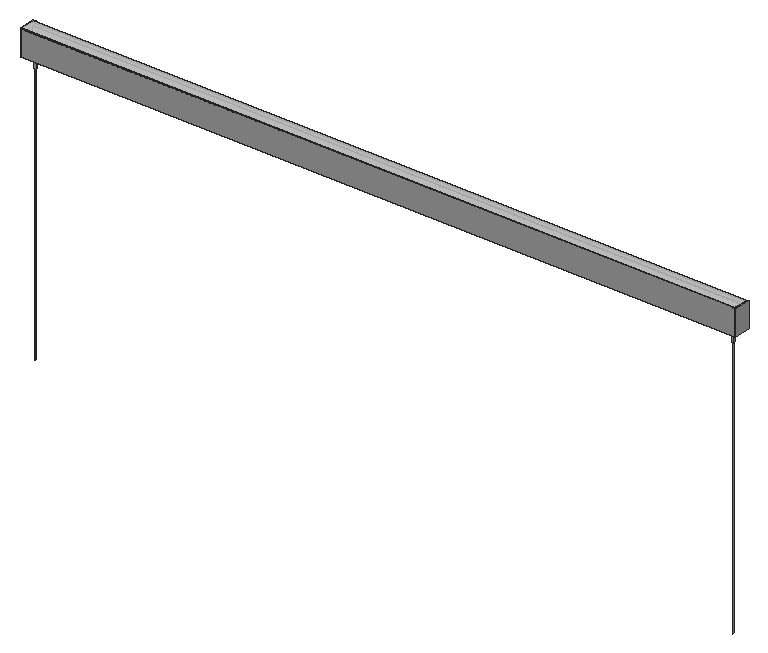
Revit family "2093100 Sylvania Lighting Fixture MC2-KIT D I 2-4M 4K DALIEM WHT OPAL", category Lighting Fixtures, host Face, Revit 2016
Family settings
  Host = Face
  Part Type = Normal
  Round Connector Dimension = Use Diameter
  OmniClass Number = 23.80.70.11.17
  OmniClass Title = Specialized Lighting by Location or Use
  Cut with Voids When Loaded = No
  Light Source = Yes
  Shared = No
  Room Calculation Point = No
Parameters (values of type "2093100 MC2-KIT D/I 2.4M 4K DALIEM WHT OPAL Emergency mode")
  Width_SYL = 54.0 mm
  Weight = "6.6 kg"
  Wattage = 67 W
  WarrantyStartDate [instance] = "n/a"
  WarrantyGuarantorParts = "n/a"
  WarrantyDurationUnit = "n/a"
  WarrantyDurationParts = "n/a"
  WarrantyDescription = "n/a"
  built-in parameter 1150110 = 1 (stored number, unit not read)
  Voltage = 0 V
  URL = "http://www.sylvania-lighting.com"
  TypeName = "MC2-KIT D/I 2.4M 4K DALIEM WHT OPAL Emergency mode"
  built-in parameter 1114217 = 1 (stored number, unit not read)
  Tilt Angle = -90.00°
  built-in parameter 1150109 = 1 (stored number, unit not read)
  built-in parameter 1150134 = 12
  built-in parameter 1150113 = 1 (stored number, unit not read)
  SerialNumber [instance] = "n/a"
  PowerFactor = 0.95
  PowerConsumption = "67 W"
  NominalWidth = 0.0 mm
  NominalLength = 2400.0 mm
  NominalHeight = 86.0 mm
  Name = "MC2-KIT D/I 2.4M 4K DALIEM WHT OPAL Emergency mode"
  ModelReference = "MC2-KIT D/I 2.4M 4K DALIEM WHT OPAL"
  ModelNumber = "2093100"
  Material_3_SYL = Metal_Sylvania_Mini Contiuum II_Silver
  Photometric Web File = "2093100EM.ies"
  Material_4_SYL = Metal_Sylvania_Mini Contiuum II_Silver
  MountingHeight_SYL [instance] = 1000.0 mm
  Material = "aluminium housing, polycarbonate diffuser"
  ManufacturerName = "Feilo Sylvania"
  LuminousEfficacy = "1.805 lm/W"
  LuminaireType = ""
  LightOutputRatio = "100"
  Length_SYL = 2400.0 mm
  LampsType = Lamp  # "LED"
  LampNominalLuminous = "121 lm"
  LampMacAdamStep = "3"
  LampColourTemperature = "4000 K"
  LampColourRenderingIndex = "80"
  Keynote = "16500"
  InstallationDate [instance] = "n/a"
  InputVoltage = "n/a"
  InputNominalFrequency = "n/a"
  IngressProtection = "IP20"
  ImpactProtectionIndex = "n/a"
  IfcExportType = "IfcLightFixtureType"
  IfcExportAs = "IfcLightFixtureType"
  Height_SYL = 86.0 mm
  ExpectedLife = 50000
  EndCapRight_SYL = yes
  EndCapLeft_SYL = yes
  Emit from Rectangle Width = Width_SYL - 2.0 mm  # 52.0 mm
  Emit from Rectangle Length = Length_SYL  # 2400.0 mm
  Emit Shape Visible in Rendering = no
  ElectricShockClassification = "Class I"
  DurationUnit = "hours"
  DocumentationLiterature = "http://www.sylvania-lighting.com/product/en-int/products/2093100"
  DimmingControlOptions = "n/a"
  CreatedOn = "10/15/2018"
  CreatedBy = "@sylvania-lighting.com"
  built-in parameter 1114216 [instance] = 1 (stored number, unit not read)
  Model = "MC2-KIT D/I 2.4M 4K DALIEM WHT OPAL"
  Manufacturer = "Feilo Sylvania"
  built-in parameter 1150105 = 9.6289 (stored number, unit not read)
  Lumens = 121 lm
  built-in parameter 1150115 = 1 (stored number, unit not read)
  built-in parameter 1150137 = (empty or 0)
  built-in parameter 1150139 = (empty or 0)
  built-in parameter 1150112 = 1 (stored number, unit not read)
  built-in parameter 1150114 = 1 (stored number, unit not read)
  Lamp = "LED"
  built-in parameter 1150132 = 2
  built-in parameter 1150102 = (empty or 0)
  built-in parameter 1150107 = 4000 (stored number, unit not read)
  built-in parameter 1150138 = (empty or 0)
  built-in parameter 1150106 = 0.096289 (stored number, unit not read)
  Material_1_SYL = Metal_Sylvania_Mini Continuum II_White
  built-in parameter 1150104 = 0.16778 (stored number, unit not read)
  Dimming Lamp Color Temperature Shift = <None>
  Material_2_SYL = Polycarbonate_Sylvania_Mini Continuum II_Opal_4000K
  Description = "2093100   MC2-KIT D/I 2.4M 4K DALIEM WHT OPAL  Continuous lines of LED light, white RAL 9016, direct/indirect distribution (65/35), suspended kit version is pre-wired and supplied complete with end caps and suspension cables, compact and minimalist design based on the Golden Mean, ideal for offices, meeting rooms, corridors, education facilities, museums and libraries, extruded aluminium body, diffuser: opal, colour temperature: 4000K neutral white, total system power: 67W, total fixture output: 7666lm, luminaire efficacy: 114lm/W, LOR: 100%, colour rendering: Ra >80, LED Chromacity: 1 step MacAdam ellipse, lifetime: 50,000 hours at 90% of the original output (L90), energy class: A++, A+, A, IR/UV free light source without heat radiation, operating voltage: 220-240V / 50-60Hz, drive current: (Direct) 800mA + (Indirect) 350mA, electronic driver, DALI dimmable, direct/indirect independently addressable, integral emergency: 3 hour maintained, electrical protection: CLASS I, IP20, suitable for internal environment only."
  Default Elevation = 0.0 mm
  Color Filter = 16777215
  built-in parameter 1140040 [instance] = 1
  BarCode [instance] = "n/a"
  built-in parameter 1114218 = 1 (stored number, unit not read)
  built-in parameter 1150133 = 10 (stored number, unit not read)
  AssetType = "Fixed"
  AssetIdentifier [instance] = "n/a"
  Assembly Code = "D5020200"
  Apparent Load = 67 VA
Types (2, lengths in mm): name | TypeName | Name | Photometric Web File | LuminousEfficacy | LampNominalLuminous | built-in parameter 1150105 | Lumens | built-in parameter 1150106 | built-in parameter 1150104
  2093100 MC2-KIT D/I 2.4M 4K DALIEM WHT OPAL Emergency mode | "MC2-KIT D/I 2.4M 4K DALIEM WHT OPAL Emergency mode" | "MC2-KIT D/I 2.4M 4K DALIEM WHT OPAL Emergency mode" | "2093100EM.ies" | "1.805 lm/W" | "121 lm" | 9.6289 (stored number, unit not read) | 121 lm | 0.096289 (stored number, unit not read) | 0.16778 (stored number, unit not read)
  2093100 MC2-KIT D/I 2.4M 4K DALIEM WHT OPAL | "MC2-KIT D/I 2.4M 4K DALIEM WHT OPAL" | "MC2-KIT D/I 2.4M 4K DALIEM WHT OPAL" | "2093100.ies" | "120 lm/W" | "8064 lm" | 639.8 (stored number, unit not read) | 8040 lm | 6.398 (stored number, unit not read) | 11.148 (stored number, unit not read)
Reference planes
  plane 1 "Center (Front/Back)": y = 0
  plane 2 "Bottom Fixtures": z = 0
  plane 3 "Center (Left/Right)": x = 0
  plane 4 "Fixture Left": x = -1200
  plane 5 "Fixture Right": x = 1200
  plane 6 "Fixture Bottom": z = 1000
  plane 7: z = 998
  plane 8: z = 996
  plane 9: z = 986.951
  plane 10: z = 956.951
  plane 11 "Fixture Top": z = 914
  plane 12 "Mounting Right": x = 1172
  plane 13 "Mounting Left": x = -1172
  plane 14: z = 879
  plane 15: y = 27
  plane 16: y = -27
  plane 17: y = -26
  plane 18: y = -25
  plane 19: y = 26
  plane 20: y = 25
  plane 21: y = 11
  plane 22: y = -11
  plane 23: y = 24
  plane 24: y = 22
  plane 25: y = -22
  plane 26: y = 15
  plane 27: y = -15
  plane 28 "Upper Diffuser Left": x = -1050
  plane 29 "Upper Diffuser Right": x = 1050
  plane 30: x = -1202
  plane 31: x = 1202
Forms (mm)
  Extrusion 1, solid, material "Metal_Sylvania_Mini Continuum II_White" <- "Material_1_SYL", detail levels fine
    sketch origin (0, 0, 520) x (0, 1, 0) y (0, 0, 1)
      loop
        line (27, 480) -> (26, 480) -> (26, 478) -> (25, 478) -> (25, 396) -> (13, 396) -> (13, 398) -> (-13, 398) -> (-13, 396) -> (-25, 396) -> (-25, 478) -> (-26, 478) -> (-26, 480) -> (-27, 480) -> (-27, 394) -> (-11, 394) -> (-11, 396) -> (11, 396) -> (11, 394) -> (27, 394) -> (27, 480)
    from -1200 to 1200
  Extrusion 2, solid, material "Polycarbonate_Sylvania_Mini Continuum II_Opal_4000K" <- "Material_2_SYL", detail levels fine
    sketch origin (0, 0, 520) x (0, 1, 0) y (0, 0, 1)
      loop
        line (-26, 480) -> (-26, 478) -> (26, 478) -> (26, 480) -> (-26, 480)
    from -1200 to 1200
  Extrusion 3, solid, material "Metal_Sylvania_Mini Contiuum II_Silver" <- "Material_3_SYL", detail levels fine
    sketch origin (0, 0, 520) x (0, 1, 0) y (0, 0, 1)
      loop
        line (22, 466.951) -> (20.973, 466.951) -> (14.206, 437.951) -> (11, 437.951) -> (11, 436.951) -> (15, 436.951) -> (22, 466.951)
      loop
        line (-15, 436.951) -> (-11, 436.951) -> (-11, 437.951) -> (-14.206, 437.951) -> (-20.973, 466.951) -> (-22, 466.951) -> (-15, 436.951)
    from -1200 to 1200
  Extrusion 4, solid, material "Metal_Sylvania_Mini Continuum II_White" <- "Material_1_SYL", detail levels coarse+medium
    sketch origin (0, 0, 520) x (0, 1, 0) y (0, 0, 1)
      loop
        line (-27, 480) -> (-27, 394) -> (27, 394) -> (27, 480) -> (-27, 480)
    from -1200 to 1200
  Extrusion 5, solid, material "Metal_Sylvania_Mini Contiuum II_Silver" <- "Material_4_SYL", detail levels fine
    sketch origin (0, 0, -86) x (-1, 0, 0) y (0, -1, 0)
      loop
        circle (1172, 0) r 4
      loop
        circle (-1172, 0) r 4
    from 965 to 1002
  Extrusion 6, solid, material "Metal_Sylvania_Mini Contiuum II_Silver" <- "Material_4_SYL", detail levels fine
    sketch origin (0, 0, -86) x (-1, 0, 0) y (0, -1, 0)
      loop
        circle (-1172, 0) r 1
      loop
        circle (1172, 0) r 1
    from 86 to 965
  Extrusion 7, solid, material "Polycarbonate_Sylvania_Mini Continuum II_Opal_4000K" <- "Material_2_SYL", detail levels fine
    sketch origin (0, 0, 0) x (0, 1, 0) y (0, 0, 1)
      loop
        arc (11, 916) -> (5.59, 914.504) -> (0, 914) r 31.25
        arc (0, 914) -> (-5.59, 914.504) -> (-11, 916) r 31.25
        line (-11, 916) -> (-11, 914.934)
        arc (-11, 914.934) -> (-5.584, 913.487) -> (0, 913) r 32.25
        arc (0, 913) -> (5.584, 913.487) -> (11, 914.934) r 32.25
        line (11, 914.934) -> (11, 916)
    from -1050 to 1050
  Extrusion 8, void
    sketch origin (0, 0, 0) x (0, 1, 0) y (0, 0, 1)
      loop
        line (11, 918) -> (-11, 918) -> (-11, 916) -> (11, 916) -> (11, 918)
    from -1050 to 1050
  Extrusion 9, solid, material "Metal_Sylvania_Mini Continuum II_White" <- "Material_1_SYL", visible <- "EndCapLeft_SYL"
    sketch origin (-1200, 171.684, 1219.2) x (0, 1, 0) y (0, 0, 1)
      loop
        line (-198.684, -305.2) -> (-144.684, -305.2) -> (-144.684, -219.2) -> (-198.684, -219.2) -> (-198.684, -305.2)
    from 0 to -2
  Extrusion 10, solid, material "Metal_Sylvania_Mini Continuum II_White" <- "Material_1_SYL", visible <- "EndCapRight_SYL"
    sketch origin (1200, 171.684, 1219.2) x (0, 1, 0) y (0, 0, -1)
      loop
        line (-144.684, 219.2) -> (-144.684, 305.2) -> (-198.684, 305.2) -> (-198.684, 219.2) -> (-144.684, 219.2)
    from 0 to -2
Cuts and joins
  Extrusion 8 cuts Extrusion 1
Lines and regions (mm)
  Masking region 1
    outline origin (0, 0, -86) x (-1, 0, 0) y (0, -1, 0)
      loop
        line (1200, -27) -> (1200, 27) -> (-1200, 27) -> (-1200, -27) -> (1200, -27)
  symbolic lines, detail levels fine
    curve 1: line (-1200, 26, -86) -> (1200, 26, -86)
    curve 2: line (-1200, -26, -86) -> (1200, -26, -86)
  model lines, detail levels coarse+medium
    curve 3: line (-1172, 0, 914) -> (-1172, 0, 0)
    curve 4: line (1172, 0, 914) -> (1172, 0, 0)
Dimensions and locks
  host sketch curve to plane 3 "Center (Left/Right)" to host sketch curve = 820.0 mm, 775.047 mm
  equal spacing: plane 4 "Fixture Left", plane 3 "Center (Left/Right)", plane 5 "Fixture Right"
  "Length_SYL": plane 4 "Fixture Left" to plane 5 "Fixture Right"
  plane 6 "Fixture Bottom" to plane 7 to plane 8 to plane 9 to plane 10 = 2.0 mm locked, 2.0 mm locked, 9.049 mm locked, 30.0 mm locked
  locked: Extrusion 1 sketch curve to Extrusion 1 sketch curve at 2
  locked: Extrusion 1 sketch curve to plane 11 "Fixture Top" at 2
  "Height_SYL": plane 6 "Fixture Bottom" to plane 11 "Fixture Top"
  locked: plane 12 "Mounting Right" to plane 5 "Fixture Right" at 28
  locked: plane 4 "Fixture Left" to plane 13 "Mounting Left" at 28
  locked: plane 11 "Fixture Top" to plane 14 at 35
  "MountingHeight_SYL": plane 6 "Fixture Bottom" to plane 2 "Bottom Fixtures"
  equal spacing: plane 15, plane 1 "Center (Front/Back)", plane 16
  "Width_SYL": plane 15 to plane 16
  plane 22 to plane 27 to plane 25 to plane 18 to plane 17 to plane 16 = 4.0 mm locked, 7.0 mm locked, 3.0 mm locked, 1.0 mm locked, 1.0 mm locked
  plane 15 to plane 19 to plane 20 to plane 23 to plane 24 to plane 26 to plane 21 = 1.0 mm locked, 1.0 mm locked, 1.0 mm locked, 2.0 mm locked, 7.0 mm locked, 4.0 mm locked
  locked: plane 4 "Fixture Left" to plane 28 "Upper Diffuser Left" at 150
  locked: plane 29 "Upper Diffuser Right" to plane 5 "Fixture Right" at 150
  equal spacing: plane 30, plane 3 "Center (Left/Right)", plane 31
  locked: plane 30 to plane 4 "Fixture Left" at 2
  aligned and locked: plane 2 "Bottom Fixtures" to host face
  aligned and locked: level to host face
  aligned and locked: plane 5 "Fixture Right" to curve 1
  aligned and locked: plane 4 "Fixture Left" to curve 1
  aligned and locked: plane 4 "Fixture Left" to curve 2
  aligned and locked: plane 5 "Fixture Right" to curve 2
  aligned and locked: Extrusion 1 sketch curve to plane 7
  aligned and locked: plane 6 "Fixture Bottom" to Extrusion 1 sketch curve  (x2)
  aligned and locked: plane 7 to Extrusion 1 sketch curve
  aligned and locked: Extrusion 1 to Extrusion 2 sketch curve
  aligned and locked: Extrusion 2 sketch curve to Extrusion 1  (x3)
  aligned and locked: Extrusion 3 sketch curve to plane 10
  aligned and locked: plane 9 to Extrusion 3 sketch curve
  aligned and locked: Extrusion 3 sketch curve to plane 9
  aligned and locked: Extrusion 4 sketch curve to plane 6 "Fixture Bottom"
  aligned and locked: Extrusion 4 to plane 4 "Fixture Left"
  aligned and locked: Extrusion 2 to plane 4 "Fixture Left"
  aligned and locked: Extrusion 3 to plane 4 "Fixture Left"
  aligned and locked: Extrusion 1 to plane 4 "Fixture Left"
  aligned and locked: Extrusion 4 to plane 5 "Fixture Right"
  aligned and locked: Extrusion 2 to plane 5 "Fixture Right"
  aligned and locked: Extrusion 3 to plane 5 "Fixture Right"
  aligned and locked: Extrusion 1 to plane 5 "Fixture Right"
  aligned and locked: plane 11 "Fixture Top" to Extrusion 4 sketch curve
  aligned and locked: Extrusion 1 sketch curve to plane 11 "Fixture Top"  (x2)
  aligned and locked: Extrusion 1 sketch curve to Extrusion 1 sketch curve
  aligned and locked: plane 6 "Fixture Bottom" to imposter light
  aligned and locked: plane 11 "Fixture Top" to curve 3
  aligned and locked: plane 2 "Bottom Fixtures" to curve 3
  aligned and locked: plane 11 "Fixture Top" to curve 4
  aligned and locked: plane 2 "Bottom Fixtures" to curve 4
  aligned and locked: curve 4 to plane 12 "Mounting Right"
  aligned and locked: curve 3 to plane 13 "Mounting Left"
  aligned and locked: Extrusion 5 to Extrusion 1
  aligned and locked: Extrusion 5 to plane 14
  aligned and locked: plane 14 to Extrusion 6
  aligned and locked: Extrusion 6 to level
  aligned and locked: plane 11 "Fixture Top" to Extrusion 7 sketch curve
  aligned and locked: Extrusion 7 to plane 28 "Upper Diffuser Left"
  aligned and locked: Extrusion 7 to plane 29 "Upper Diffuser Right"
  aligned and locked: plane 21 to Extrusion 3 sketch curve
  aligned and locked: Extrusion 3 sketch curve to plane 22
  aligned and locked: Extrusion 8 sketch curve to plane 21
  aligned and locked: Extrusion 8 sketch curve to plane 22
  aligned and locked: Extrusion 8 sketch curve to Extrusion 1  (x2)
  aligned and locked: Extrusion 8 to Extrusion 7  (x2)
  aligned and locked: plane 21 to Extrusion 7 sketch curve
  aligned and locked: plane 1 "Center (Front/Back)" to Extrusion 7 sketch curve
  aligned and locked: plane 22 to Extrusion 7 sketch curve
  aligned and locked: Extrusion 9 sketch curve to Extrusion 4  (x4)
  aligned and locked: Extrusion 9 to plane 30
  aligned and locked: plane 4 "Fixture Left" to Extrusion 9
  aligned and locked: Extrusion 10 sketch curve to Extrusion 4  (x4)
  aligned and locked: plane 31 to Extrusion 10
  aligned and locked: plane 5 "Fixture Right" to Extrusion 10
Automatic sketch dimensions
  host sketch curve to host sketch curve = 1047.463 mm
  plane 19 to curve 1 = 0.0 mm
  curve 2 to plane 17 = 0.0 mm
  Masking region 1 sketch curve to plane 5 "Fixture Right" = 0.0 mm
  Masking region 1 sketch curve to plane 4 "Fixture Left" = 0.0 mm
  plane 15 to Masking region 1 sketch curve = 0.0 mm
  Masking region 1 sketch curve to plane 16 = 0.0 mm
  Extrusion 1 sketch curve to plane 16 = 0.0 mm
  Extrusion 1 sketch curve to plane 17 = 0.0 mm
  Extrusion 1 sketch curve to plane 18 = 0.0 mm
  Extrusion 1 sketch curve to plane 22 = 0.0 mm
  Extrusion 1 sketch curve to plane 21 = 0.0 mm
  Extrusion 1 sketch curve to plane 20 = 0.0 mm
  Extrusion 1 sketch curve to plane 19 = 0.0 mm
  Extrusion 1 sketch curve to plane 15 = 0.0 mm
  plane 11 "Fixture Top" to Extrusion 1 sketch curve = 2.0 mm
  Extrusion 1 sketch curve to plane 22 = 2.0 mm
  Extrusion 1 sketch curve to plane 21 = 2.0 mm
  Extrusion 3 sketch curve to plane 25 = 0.0 mm
  Extrusion 3 sketch curve to plane 27 = 0.0 mm
  Extrusion 3 sketch curve to plane 26 = 0.0 mm
  Extrusion 3 sketch curve to plane 24 = 0.0 mm
  plane 10 to Extrusion 3 sketch curve = 1.0 mm
  Extrusion 3 sketch curve to Extrusion 3 sketch curve = 1.027 mm
  plane 27 to Extrusion 3 sketch curve = 0.794 mm
  plane 26 to Extrusion 3 sketch curve = 0.794 mm
  plane 24 to Extrusion 3 sketch curve = 1.027 mm
  Extrusion 4 sketch curve to plane 16 = 0.0 mm
  Extrusion 4 sketch curve to plane 15 = 0.0 mm
  plane 1 "Center (Front/Back)" to Extrusion 5 sketch curve = 0.0 mm  (x2)
  Extrusion 5 sketch curve to plane 12 "Mounting Right" = 0.0 mm
  Extrusion 5 sketch curve to plane 13 "Mounting Left" = 0.0 mm
  plane 1 "Center (Front/Back)" to Extrusion 6 sketch curve = 0.0 mm  (x2)
  Extrusion 6 sketch curve to plane 12 "Mounting Right" = 0.0 mm
  Extrusion 6 sketch curve to plane 13 "Mounting Left" = 0.0 mm
  Extrusion 7 sketch curve to Extrusion 7 sketch curve = 0.0 mm  (x4)
  plane 11 "Fixture Top" to Extrusion 7 sketch curve = 0.934 mm
  Extrusion 3 sketch curve to Extrusion 3 sketch curve = 0.0 mm
  Extrusion 3 sketch curve to plane 10 = 0.0 mm
  plane 11 "Fixture Top" to Extrusion 7 sketch curve = 2.0 mm
  radius of Extrusion 5 sketch curve = 4.0 mm  (x2)
  radius of Extrusion 6 sketch curve = 1.0 mm  (x2)
Connectors
  electrical at (1200, 0, 949), driven by "Apparent Load"
    settings: on Extrusion 1, index 1, voltage 230 V, apparent load 0 VA, apparent load phase1 67 VA, apparent load phase2 0 VA, apparent load phase3 0 VA, power factor 1, load classification "Lighting", number of poles 1, system type 31, power factor state 1, is connector primary yes, connector utility no, sub classification motor no, connector description ""
